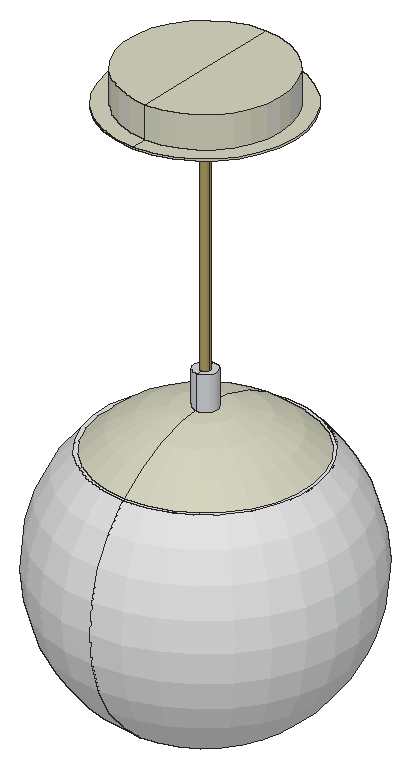
Revit family "3-672-xx - 37-672-xx - Luna (Pendant)", category Lighting Fixtures, host Ceiling, Revit 2018
Family settings
  Host = Ceiling
  Round Connector Dimension = Use Diameter
  Part Type = Normal
  OmniClass Number = 23.80.70.11
  OmniClass Title = Luminaries for Internal Lighting
  Always vertical = Yes
  Cut with Voids When Loaded = No
  Light Source = Yes
  Shared = No
  Room Calculation Point = No
Parameters (values of type "3-672-24 / 37-672-24 - Luna")
  Wattage Comments = "10.42 W at 120 V"  # constant formula
  Wattage = 10.42 W
  built-in parameter 1150110 = 1 (stored number, unit not read)
  URL = "http://www.oxygenlighting.com"
  Type Comments = ""
  built-in parameter 1114217 = 1 (stored number, unit not read)
  Tilt Angle = 90.00°
  built-in parameter 1150109 = 1 (stored number, unit not read)
  built-in parameter 1150134 = (empty or 0)
  built-in parameter 1150113 = 1 (stored number, unit not read)
  References = "3=120 V / 37= 277 V"  # constant formula
  Photometric Web File = "3-672-24 Luna Pendant.ies"
  Supplied with [instance] = "Supplied with 8 ft of braided cord"  # constant formula
  Model = "3-672-xx / 37-672-xx"  # constant formula
  Metal finish = Oxygen Lighting - Metal Finish - 24 - Satin Nickel
  Manufacturer = "Oxygen Lighting"  # constant formula
  built-in parameter 1150105 = 56.966 (stored number, unit not read)
  Lumens = 715.854 lm
  built-in parameter 1150115 = 1 (stored number, unit not read)
  built-in parameter 1150137 = (empty or 0)
  built-in parameter 1150139 = (empty or 0)
  built-in parameter 1150112 = 1 (stored number, unit not read)
  built-in parameter 1150114 = 1 (stored number, unit not read)
  Lamp = "LED Array"  # constant formula
  Keynote = "LED array lamp"  # constant formula
  Input Voltage [instance] = "120 V or 277 V 50/60Hz"  # constant formula
  built-in parameter 1150132 = (empty or 0)
  built-in parameter 1150102 = (empty or 0)
  built-in parameter 1150107 = 3000 (stored number, unit not read)
  built-in parameter 1150138 = (empty or 0)
  built-in parameter 1150106 = 0.56966 (stored number, unit not read)
  built-in parameter 1150104 = 6.3824 (stored number, unit not read)
  Dimming Lamp Color Temperature Shift = <None>
  Diffuser = Oxygen Lighting - Diffuser - White Opal Glass
  Color Filter = 16777215
  Braided Cord = Braided Cord
  Suspension Length [instance] = 20.00"
  built-in parameter 1114218 = 1 (stored number, unit not read)
  built-in parameter 1150133 = 10 (stored number, unit not read)
Types (4): name | Metal finish
  3-672-40 / 37-672-40 - Luna | Oxygen Lighting - Metal Finish - 40 - Aged Brass
  3-672-20 / 37-672-20 - Luna | Oxygen Lighting - Metal Finish - 20 - Polished Nickel
  3-672-22 / 37-672-22 - Luna | Oxygen Lighting - Metal Finish - 22 - Oiled Bronze
  3-672-24 / 37-672-24 - Luna | Oxygen Lighting - Metal Finish - 24 - Satin Nickel
Reference planes (in)
  plane 1 "Light Source Axis (F/B)": y = 0
  plane 2 "Ceiling": z = 178.54897
  plane 3 "Light Source Axis (L/R)": x = 0
  plane 4 "Light Source Elevation": z = 158.54897
  plane 5: z = 169.39897
  plane 6: z = 176.67889
  plane 7: z = 164.52897
Forms (in)
  Revolve 1, solid, material "Oxygen Lighting - Metal Finish - 24 - Satin Nickel" <- "Metal finish"
    sketch origin (0, 0, -1.45103) x (0, 1, 0) y (0, 0, 1)
      loop
        line (0, 180) -> (0, 178.87795) -> (0, 178.12992) -> (0.31496, 178.12992) -> (0.31496, 178.87795) -> (3.05906, 178.87795) -> (3.05906, 178.93701) -> (2.55906, 178.93701) -> (2.55906, 180) -> (0, 180)
      axis (0, 180) -> (0, 178.12992)
    angle from 0 to 360
  Revolve 2, solid, material "Oxygen Lighting - Diffuser - White Opal Glass" <- "Diffuser"
    sketch origin (0, 0, 11.62107) x (0, 1, 0) y (0, 0, 1)
      loop
        arc (0, 146.92625) -> (4.53847, 149.94459) -> (3.50981, 155.29715) r 4.92126
        line (3.50981, 155.29715) -> (0, 155.29715) -> (0, 146.92625)
      axis (0, 155.29715) -> (0, 146.92625)
    angle from 0 to 360
  Revolve 3, solid, material "Oxygen Lighting - Metal Finish - 24 - Satin Nickel" <- "Metal finish"
    sketch origin (0, 0, 11.62107) x (0, 1, 0) y (0, 0, 1)
      loop
        arc (3.39853, 155.29715) -> (1.83644, 156.3283) -> (0, 156.69003) r 4.84252
        line (0, 156.69003) -> (0, 155.29715) -> (3.39853, 155.29715)
      axis (0, 156.69003) -> (0, 155.29715)
    angle from 0 to 360
  Revolve 4, solid, material "Oxygen Lighting - Diffuser - White Opal Glass" <- "Diffuser", not visible
    sketch origin (0, 0, 0) x (0, 1, 0) y (0, 0, 1)
      loop
        arc (0, 146.92625) -> (4.53847, 149.94459) -> (3.50981, 155.29715) r 4.92126
        line (3.50981, 155.29715) -> (0, 155.29715) -> (0, 146.92625)
      axis (0, 155.29715) -> (0, 146.92625)
    angle from 0 to 360
  Revolve 5, solid, material "Oxygen Lighting - Metal Finish - 24 - Satin Nickel" <- "Metal finish", not visible
    sketch origin (0, 0, 0) x (0, 1, 0) y (0, 0, 1)
      loop
        arc (3.39853, 155.29715) -> (1.83644, 156.3283) -> (0, 156.69003) r 4.84252
        line (0, 156.69003) -> (0, 155.29715) -> (3.39853, 155.29715)
      axis (0, 156.69003) -> (0, 155.29715)
    angle from 0 to 360
  Revolve 6, solid, material "Oxygen Lighting - Metal Finish - 24 - Satin Nickel" <- "Metal finish", not visible
    sketch origin (0, 0, 0) x (0, 1, 0) y (0, 0, 1)
      loop
        line (0, 180) -> (0, 178.87795) -> (0, 178.12992) -> (0.31496, 178.12992) -> (0.31496, 178.87795) -> (3.05906, 178.87795) -> (3.05906, 178.93701) -> (2.55906, 178.93701) -> (2.55906, 180) -> (0, 180)
      axis (0, 180) -> (0, 178.12992)
    angle from 0 to 360
  Revolve 7, solid, material "Braided Cord" <- "Braided Cord"
    sketch origin (0, 0, 0) x (1, 0, 0) y (0, 0, 1)
      loop
        line (0, 176.67889) -> (-0.15748, 176.67889) -> (-0.15748, 169.39897) -> (0, 169.39897) -> (0, 176.67889)
      axis (0, 176.67889) -> (0, 169.39897)
    angle from 0 to 360
  Revolve 8, solid
    sketch origin (0, 0, 18.57913) x (0, 1, 0) y (0, 0, 1)
      loop
        line (0, 150.81984) -> (0, 149.42889) -> (0.375, 149.42889) -> (0.375, 150.81984) -> (0, 150.81984)
      axis (0, 150.81984) -> (0, 149.42889)
    angle from 0 to 360
  Revolve 9, solid, not visible
    sketch origin (0, 0, 6.95806) x (0, 1, 0) y (0, 0, 1)
      loop
        line (0, 150.81984) -> (0, 149.42889) -> (0.375, 149.42889) -> (0.375, 150.81984) -> (0, 150.81984)
      axis (0, 150.81984) -> (0, 149.42889)
    angle from 0 to 360
Dimensions and locks (in)
  equal spacing: host sketch curve, plane 3 "Light Source Axis (L/R)", host sketch curve
  equal spacing: host sketch curve, plane 1 "Light Source Axis (F/B)", host sketch curve
  host sketch curve to host sketch curve = 120.00"  (x2)
  Revolve 1 sketch curve to Revolve 1 sketch curve to Revolve 1 sketch curve = 1.06299", 0.05906"
  Revolve 1 sketch curve to Revolve 1 sketch curve to Revolve 1 sketch curve = 2.55906", 0.50"
  Revolve 1 sketch curve to Revolve 1 sketch curve = 0.74803"
  Revolve 1 sketch curve to Revolve 1 sketch curve = 0.31496"
  Revolve 6 sketch curve to Revolve 6 sketch curve to Revolve 6 sketch curve = 1.06299", 0.05906"
  Revolve 6 sketch curve to Revolve 6 sketch curve to Revolve 6 sketch curve = 2.55906", 0.50"
  Revolve 6 sketch curve to Revolve 6 sketch curve = 0.74803"
  Revolve 6 sketch curve to Revolve 6 sketch curve = 0.31496"
  locked: plane 2 "Ceiling" to plane 6 at 1.87008
  Revolve 8 sketch curve to Revolve 8 sketch curve = 0.375"
  Revolve 8 sketch curve to Revolve 8 sketch curve = 1.39095"
  Revolve 9 sketch curve to Revolve 9 sketch curve = 0.375"
  Revolve 9 sketch curve to Revolve 9 sketch curve = 1.39095"
  locked: plane 5 to plane 4 "Light Source Elevation" at 10.85
  locked: plane 7 to plane 4 "Light Source Elevation" at 5.98
  "Suspension Length": plane 2 "Ceiling" to plane 4 "Light Source Elevation"
  aligned and locked: imposter light to plane 1 "Light Source Axis (F/B)"
  aligned and locked: plane 6 to Revolve 1
  aligned and locked: plane 2 "Ceiling" to Revolve 1
  aligned and locked: plane 2 "Ceiling" to host ceiling
  aligned and locked: plane 5 to Revolve 8
  aligned and locked: Revolve 7 to Revolve 8
  aligned and locked: plane 7 to imposter light
Automatic sketch dimensions
  Revolve 7 sketch curve to plane 6 = 0.00"
  Revolve 7 sketch curve to plane 5 = 0.00"
  Revolve 7 sketch curve to plane 3 "Light Source Axis (L/R)" = 0.00"  (x2)
  Revolve 7 sketch curve to plane 3 "Light Source Axis (L/R)" = 0.15748"
  plane 5 to Revolve 7 sketch curve = 3.98905"
  plane 2 "Ceiling" to Revolve 7 sketch curve = 5.12992"
  Revolve 2 sketch curve to Revolve 2 sketch curve = 3.50981"
  Revolve 2 sketch curve to Revolve 2 sketch curve = 4.92126"
  Revolve 2 sketch curve to Revolve 2 sketch curve = 0.00"
  Revolve 2 sketch curve to Revolve 2 sketch curve = 9.07845"
  Revolve 2 sketch curve to Revolve 2 sketch curve = 4.30066"
  Revolve 3 sketch curve to Revolve 3 sketch curve = 3.39853"
  Revolve 3 sketch curve to Revolve 3 sketch curve = 3.44964"
  Revolve 3 sketch curve to Revolve 3 sketch curve = 0.00"
  Revolve 3 sketch curve to Revolve 3 sketch curve = 0.31567"
  Revolve 3 sketch curve to Revolve 3 sketch curve = 3.79145"
  Revolve 8 sketch curve to Revolve 8 sketch curve = 0.00"
  Revolve 8 sketch curve to Revolve 8 sketch curve = 2.25"
  Revolve 8 sketch curve to Revolve 8 sketch curve = 0.39095"
  Revolve 4 sketch curve to Revolve 4 sketch curve = 3.50981"
  Revolve 4 sketch curve to Revolve 4 sketch curve = 4.92126"
  Revolve 4 sketch curve to Revolve 4 sketch curve = 0.00"
  Revolve 4 sketch curve to Revolve 4 sketch curve = 9.07845"
  Revolve 4 sketch curve to Revolve 4 sketch curve = 4.30066"
  Revolve 5 sketch curve to Revolve 5 sketch curve = 3.39853"
  Revolve 5 sketch curve to Revolve 5 sketch curve = 3.44964"
  Revolve 5 sketch curve to Revolve 5 sketch curve = 0.00"
  Revolve 5 sketch curve to Revolve 5 sketch curve = 0.31567"
  Revolve 5 sketch curve to Revolve 5 sketch curve = 3.79145"
  Revolve 9 sketch curve to Revolve 9 sketch curve = 0.00"
  Revolve 9 sketch curve to Revolve 9 sketch curve = 2.25"
  Revolve 9 sketch curve to Revolve 9 sketch curve = 0.39095"
